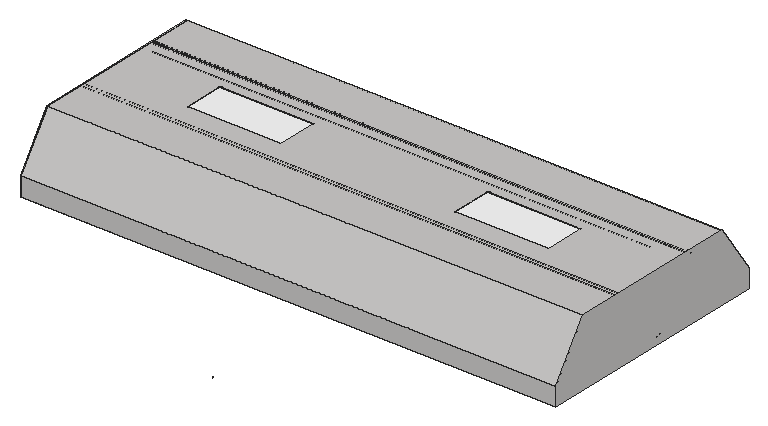
Revit family "QF_ELECTROLUXPROFESSIONAL_642363_BC1840DT", category Attrezzature speciali, Revit 2021
Family settings
  Quota connettore circolare = Usa diametro
  Tipo di parte = Normale
  Basato su piano di lavoro = No
  Sempre verticale = Sì
  Taglio con vuoti quando caricato = No
  Condiviso = No
  Punto di calcolo locali = No
Parameters (values of type "Standard")
  Weight = 115.00 kg
  Watts = 0 W
  Volts = 0 V
  URL Manufacturer = "https://www.electroluxprofessional.com/"
  URL = "https://www.electroluxprofessional.com/"
  Steam Supply Size = 0 mm
  Steam Supply Minimum Pressure = 0.0 Pa
  Steam Supply Maximum Pressure = 0.0 Pa
  Steam Consumption per Hour = 0
  Refrigeration Suction Line Size = 0 mm
  Refrigeration Liquid Line Size = 0 mm
  Refrigerant Compressor Remote = yes
  Prospetto di default = 0 mm
  Produttore = "Electrolux Professional"
  Phase = 0
  Modello = "BC1840DT"
  Length Actual = 4000 mm  # constant formula
  Item Number = "642363"
  Hot Water Size = 0 mm
  Height Actual = 500 mm  # constant formula
  HP = "0 HP"
  Gas Size = 0 mm
  Gas KW = 0
  Gas Input Pressure = 0 W
  Direct Waste Size = 0 mm
  Descrizione = "304 S/S ISLAND HOOD+FILTERS 4000X1800MM"
  Depth Actual = 1800 mm  # constant formula
  Cycle = 0 Hz
  Condensate Return Size = 0 mm
  Compressed Air Volume = 0.0 L/s
  Compressed Air Size = 0 mm
  Compressed Air Pressure = 0.0 Pa
  Cold Water Size = 0 mm
  Accessory = yes
Reference planes
  plane 1: z = 0
  plane 2 "Center (Left/Right)": x = 150
  plane 3 "LEFT": x = -1850
  plane 4 "RIGHT": x = 2150
  plane 5 "BACK": y = 550
  plane 6 "TOP": z = 2500
  plane 7 "Base": z = 2000
  plane 8: z = 1946
  plane 9: x = -1847
  plane 10 "DrainX": x = 1999
  plane 11 "AOLeft2": x = -500
  plane 12 "AORight1": x = 800
  plane 13: x = 2147
  plane 14: x = -1650
  plane 15: x = 1950
  plane 16: x = 50
  plane 17: x = 250
  plane 18 "AOLeft1": x = -1200
  plane 19 "AORight2": x = 1500
  plane 20: y = -200
  plane 21: y = -500
  plane 22 "Center (Front/Back)": y = -350
  plane 23: y = -1250
  plane 24: through (0, -401.379, 2046.209) normal (0, 0.8019, 0.5974)
  plane 25: through (0, -298.621, 2046.209) normal (0, 0.8019, -0.5974)
  plane 26: z = 2140
Forms (mm)
  Extrusion 1, solid, material "QF_Finishes_Stainless Steel"
    sketch origin (-1850, 0, 360) x (0, 1, 0) y (0, 0, 1)
      loop
        line (550, 1640) -> (550, 1780) -> (299.446, 2140) -> (-999.446, 2140) -> (-1250, 1780) -> (-1250, 1640) -> (550, 1640)
    from 0 to 3
  Extrusion 2, solid, material "QF_Finishes_Stainless Steel"
    sketch origin (2150, 0, 360) x (0, 1, 0) y (0, 0, 1)
      loop
        line (550, 1640) -> (550, 1780) -> (299.446, 2140) -> (-999.446, 2140) -> (-1250, 1780) -> (-1250, 1640) -> (550, 1640)
    from 0 to -3
  Extrusion 3, solid, material "QF_Finishes_Stainless Steel"
    sketch origin (150, 0, 360) x (0, 1, 0) y (0, 0, 1)
      loop
        line (-999.446, 2140) -> (-1250, 1780) -> (-1250, 1640) -> (-1240, 1640) -> (-1240, 1640.8) -> (-1249.2, 1640.8) -> (-1249.2, 1779.739) -> (-999.025, 2139.19) -> (299.025, 2139.19) -> (549.2, 1779.739) -> (549.2, 1640.8) -> (540, 1640.8) -> (540, 1640) -> (550, 1640) -> (550, 1780) -> (299.446, 2140) -> (-999.446, 2140)
    from -2000 to 2000
  Extrusion 4, void
    sketch origin (0, 0, 2500) x (0, 1, 0) y (-1, 0, 0)
      loop
        line (-200, 500) -> (-200, 1200) -> (-500, 1200) -> (-500, 500) -> (-200, 500)
    from 0 to -10
  Extrusion 5, solid, material "QF_Finishes_Stainless Steel"
    sketch origin (0, 0, 0) x (1, 0, 0) y (0, 1, 0)
      loop
        line (-1850, 550) -> (-1850, 549) -> (-1849, 549) -> (-1849, 550) -> (-1850, 550)
    from 0 to 1
  Extrusion 6, solid, material "QF_Finishes_Stainless Steel"
    sketch origin (150, -400, 360) x (0, 1, 0) y (0, 0, 1)
      loop
        line (-298.883, 2085.553) -> (-1.379, 1686.209) -> (14.66, 1698.157) -> (-282.844, 2097.501) -> (-298.883, 2085.553)
      loop
        line (398.883, 2085.553) -> (382.844, 2097.501) -> (85.34, 1698.157) -> (101.379, 1686.209) -> (398.883, 2085.553)
    from -1800 to -1997
  Extrusion 7, solid, material "QF_Finishes_Stainless Steel"
    sketch origin (150, -400, 360) x (0, 1, 0) y (0, 0, 1)
      loop
        arc (116.056, 1704.554) -> (115.455, 1704.706) -> (114.923, 1704.389) r 0.81
        line (114.923, 1704.389) -> (100.465, 1684.991) -> (83.389, 1687.002) -> (86.391, 1712.615) -> (85.593, 1712.708) -> (82.594, 1687.095)
        arc (82.594, 1687.095) -> (82.763, 1686.499) -> (83.305, 1686.197) r 0.81
        line (83.305, 1686.197) -> (100.372, 1684.196)
        arc (100.372, 1684.196) -> (100.787, 1684.257) -> (101.116, 1684.517) r 0.81
        line (101.116, 1684.517) -> (115.564, 1703.911) -> (126.308, 1695.919) -> (100.145, 1660.79) -> (-0.145, 1660.79) -> (-26.308, 1695.919) -> (-15.564, 1703.911) -> (-1.116, 1684.517)
        arc (-1.116, 1684.517) -> (-0.787, 1684.257) -> (-0.372, 1684.196) r 0.81
        line (-0.372, 1684.196) -> (16.695, 1686.197)
        arc (16.695, 1686.197) -> (17.237, 1686.499) -> (17.406, 1687.095) r 0.81
        line (17.406, 1687.095) -> (14.407, 1712.708) -> (13.609, 1712.615) -> (16.611, 1687.002) -> (-0.465, 1684.991) -> (-14.923, 1704.389)
        arc (-14.923, 1704.389) -> (-15.455, 1704.706) -> (-16.056, 1704.554) r 0.81
        line (-16.056, 1704.554) -> (-26.786, 1696.561)
        arc (-26.786, 1696.561) -> (-27.103, 1696.028) -> (-26.951, 1695.427) r 0.81
        line (-26.951, 1695.427) -> (-0.843, 1660.381)
        arc (-0.843, 1660.381) -> (-0.5, 1660.093) -> (-0.063, 1659.99) r 0.972
        line (-0.063, 1659.99) -> (100.049, 1659.99)
        arc (100.049, 1659.99) -> (100.498, 1660.096) -> (100.851, 1660.393) r 1
        line (100.851, 1660.393) -> (126.951, 1695.427)
        arc (126.951, 1695.427) -> (127.103, 1696.028) -> (126.786, 1696.561) r 0.81
        line (126.786, 1696.561) -> (116.056, 1704.554)
      loop
        line (-292.735, 2139.19) -> (-292.735, 2129.205) -> (-317.587, 2110.686)
        arc (-317.587, 2110.686) -> (-317.904, 2110.153) -> (-317.752, 2109.552) r 0.81
        line (-317.752, 2109.552) -> (-284.894, 2065.446) -> (-295.625, 2057.438) -> (-295.147, 2056.796) -> (-284.418, 2064.79)
        arc (-284.418, 2064.79) -> (-284.1, 2065.322) -> (-284.252, 2065.923) r 0.81
        line (-284.252, 2065.923) -> (-317.117, 2110.038) -> (-291.935, 2128.798) -> (-291.935, 2138.4) -> (-262.776, 2138.4) -> (-262.776, 2070.563) -> (-261.976, 2069.49) -> (-261.976, 2139.19) -> (-292.735, 2139.19)
      loop
        line (392.735, 2139.19) -> (361.976, 2139.19) -> (361.976, 2069.49) -> (362.776, 2070.563) -> (362.776, 2138.4) -> (391.935, 2138.4) -> (391.935, 2128.798) -> (417.117, 2110.038) -> (384.252, 2065.923)
        arc (384.252, 2065.923) -> (384.1, 2065.322) -> (384.418, 2064.79) r 0.81
        line (384.418, 2064.79) -> (395.147, 2056.796) -> (395.625, 2057.438) -> (384.894, 2065.446) -> (417.752, 2109.552)
        arc (417.752, 2109.552) -> (417.904, 2110.153) -> (417.587, 2110.686) r 0.81
        line (417.587, 2110.686) -> (392.735, 2129.205) -> (392.735, 2139.19)
    from -1997 to 1997
  Extrusion 8, solid, material "QF_Finishes_Stainless Steel"
    sketch origin (150, -400, 360) x (0, 1, 0) y (0, 0, 1)
      loop
        line (-298.883, 2085.553) -> (-1.379, 1686.209) -> (14.66, 1698.157) -> (-282.844, 2097.501) -> (-298.883, 2085.553)
      loop
        line (398.883, 2085.553) -> (382.844, 2097.501) -> (85.34, 1698.157) -> (101.379, 1686.209) -> (398.883, 2085.553)
    from 1997 to 1800
  Extrusion 9, solid, material "QF_Finishes_Stainless Steel"
    sketch origin (150, -400, 360) x (0, 1, 0) y (0, 0, 1)
      loop
        line (-298.883, 2085.553) -> (-1.379, 1686.209) -> (14.66, 1698.157) -> (-282.844, 2097.501) -> (-298.883, 2085.553)
      loop
        line (398.883, 2085.553) -> (382.844, 2097.501) -> (85.34, 1698.157) -> (101.379, 1686.209) -> (398.883, 2085.553)
    from -100 to 100
  Extrusion 10, solid, material "QF_Finished_Chrome"
    sketch origin (150, -400, 360) x (0, 1, 0) y (0, 0, 1)
      loop
        line (-298.883, 2085.553) -> (-1.379, 1686.209) -> (14.66, 1698.157) -> (-282.844, 2097.501) -> (-298.883, 2085.553)
      loop
        line (398.883, 2085.553) -> (382.844, 2097.501) -> (85.34, 1698.157) -> (101.379, 1686.209) -> (398.883, 2085.553)
    from -1800 to -100
  Extrusion 11, solid, material "QF_Finished_Chrome"
    sketch origin (150, -400, 360) x (0, 1, 0) y (0, 0, 1)
      loop
        line (-298.883, 2085.553) -> (-1.379, 1686.209) -> (14.66, 1698.157) -> (-282.844, 2097.501) -> (-298.883, 2085.553)
      loop
        line (398.883, 2085.553) -> (382.844, 2097.501) -> (85.34, 1698.157) -> (101.379, 1686.209) -> (398.883, 2085.553)
    from 100 to 1800
  Sweep 12, solid, material "QF_Finishes_Stainless Steel"
    path origin (0, 0, 0) x (1, 0, 0) y (0, 1, 0)
      loop
        line (2150, 550) -> (-1850, 550) -> (-1850, -1250) -> (2150, -1250) -> (2150, 550)
    profile origin (2150, -350, 0) x (1, 0, 0) y (0, 0, 1)
      loop
        line (-3, 2000) -> (-3, 2000.8) -> (-19, 2000.8) -> (-19, 2010) -> (-20, 2010) -> (-20, 2000) -> (-3, 2000)
  Extrusion 13, void
    sketch origin (0, 0, 2500) x (0, 1, 0) y (-1, 0, 0)
      loop
        line (-200, -1500) -> (-200, -800) -> (-500, -800) -> (-500, -1500) -> (-200, -1500)
    from 0 to -10
  Extrusion 14, solid, material "QF_Finishes_Stainless Steel"
    sketch origin (1999, 0, 0) x (0, 1, 0) y (0, 0, 1)
      loop
        arc (-318.5, 1946) -> (-311.429, 1948.929) -> (-308.5, 1956) r 10
        line (-308.5, 1956) -> (-308.5, 2000.8) -> (-391.5, 2000.8) -> (-391.5, 1956)
        arc (-391.5, 1956) -> (-388.571, 1948.929) -> (-381.5, 1946) r 10
        line (-381.5, 1946) -> (-318.5, 1946)
    from -90 to 90
  Extrusion 15, solid, material "QF_Finishes_Stainless Steel"
    sketch origin (0, -1100, 2000) x (0, 1, 0) y (-1, 0, 0)
      loop
        circle (750, -1999) r 6.35
    from -3.799 to 0
Cuts and joins
  Extrusion 4, Extrusion 13 cuts Extrusion 3
  joined: Extrusion 2, Extrusion 3, Sweep 12
Lines and regions (mm)
  symbolic lines, style "SpecialityEquipment", detail levels coarse
    curve 1: line (2150, 550, 2500) -> (-1850, 550, 2500)
    curve 2: line (-1850, 550, 2500) -> (-1850, -1250.8, 2500)
    curve 3: line (2150, -1250.8, 2500) -> (2150, 550, 2500)
    curve 4: line (-1850, 299.446, 0) -> (2150, -999.446, 0)
    curve 5: line (2150, 299.446, 0) -> (-1850.605, -999.446, 0)
  symbolic lines, detail levels coarse
    curve 6: line (-1200, -500, 0) -> (-500, -500, 0)
    curve 7: line (-1200, -200, 0) -> (-1200, -500, 0)
    curve 8: line (-500, -200, 0) -> (-1200, -200, 0)
    curve 9: line (-500, -500, 0) -> (-500, -200, 0)
    curve 10: line (800, -200, 0) -> (800, -500, 0)
    curve 11: line (1500, -200, 0) -> (800, -200, 0)
    curve 12: line (1500, -500, 0) -> (1500, -200, 0)
    curve 13: line (800, -500, 0) -> (1500, -500, 0)
    curve 14: line (-1850.605, -999.446, 0) -> (2150, -999.446, 0)
    curve 15: line (2150, 299.446, 0) -> (-1850, 299.446, 0)
    curve 16: line (-1850, -1250.8, 0) -> (2150, -1250.8, 0)
Dimensions and locks
  plane 3 "LEFT" to plane 4 "RIGHT" = 4000 mm
  equal spacing: plane 3 "LEFT", plane 2 "Center (Left/Right)", plane 4 "RIGHT"
  plane 3 "LEFT" to plane 9 = 3 mm
  plane 10 "DrainX" to plane 4 "RIGHT" = 151 mm
  plane 13 to plane 4 "RIGHT" = 3 mm
  plane 3 "LEFT" to plane 14 = 200 mm
  plane 15 to plane 4 "RIGHT" = 200 mm
  locked: plane 11 "AOLeft2" to plane 12 "AORight1" at 1300
  equal spacing: plane 11 "AOLeft2", plane 2 "Center (Left/Right)", plane 12 "AORight1"
  locked: plane 7 "Base" to level at 2000
  locked: plane 16 to plane 17 at 200
  equal spacing: plane 16, plane 2 "Center (Left/Right)", plane 17
  plane 18 "AOLeft1" to plane 11 "AOLeft2" = 700 mm
  plane 12 "AORight1" to plane 19 "AORight2" = 700 mm
  plane 7 "Base" to plane 8 = 54 mm
  locked: plane 6 "TOP" to plane 7 "Base" at 500
  plane 5 "BACK" to plane 23 = 1800 mm  (x2)
  equal spacing: plane 5 "BACK", plane 22 "Center (Front/Back)", plane 23
  plane 21 to plane 20 = 300 mm
  equal spacing: plane 21, plane 22 "Center (Front/Back)", plane 20
  plane 26 to plane 7 "Base" = 140 mm
  aligned and locked: level to plane 1
  aligned and locked: plane 4 "RIGHT" to Extrusion 3
  aligned and locked: Extrusion 3 to plane 3 "LEFT"
  aligned and locked: Extrusion 6 to plane 9
  aligned and locked: plane 14 to Extrusion 6
  aligned and locked: Extrusion 2 to plane 13
  aligned and locked: plane 13 to Extrusion 8
  aligned and locked: Extrusion 8 to plane 15
  aligned and locked: plane 17 to Extrusion 9
  aligned and locked: Extrusion 9 to plane 16
  aligned and locked: plane 16 to Extrusion 10
  aligned and locked: Extrusion 10 to plane 14
  aligned and locked: Extrusion 11 to plane 17
  aligned and locked: Extrusion 11 to plane 15
  aligned and locked: Extrusion 7 to plane 9
  aligned and locked: plane 13 to Extrusion 7
  aligned and locked: Extrusion 4 to plane 18 "AOLeft1"
  aligned and locked: Extrusion 4 to plane 11 "AOLeft2"
  aligned and locked: plane 12 "AORight1" to Extrusion 13
  aligned and locked: plane 19 "AORight2" to Extrusion 13
  aligned and locked: plane 21 to Extrusion 13
  aligned and locked: plane 21 to Extrusion 4
  aligned and locked: plane 20 to Extrusion 13
  aligned and locked: plane 20 to Extrusion 4
  aligned and locked: curve 6 to Extrusion 4
  aligned and locked: curve 7 to Extrusion 4
  aligned and locked: curve 8 to Extrusion 4
  aligned and locked: curve 9 to Extrusion 4
  aligned and locked: curve 10 to Extrusion 13
  aligned and locked: curve 11 to Extrusion 13
  aligned and locked: curve 12 to Extrusion 13
  aligned and locked: curve 13 to Extrusion 13
Automatic sketch dimensions
  curve 2 to plane 3 "LEFT" = 0 mm
  curve 3 to plane 4 "RIGHT" = 0 mm
  curve 2 to plane 5 "BACK" = 0 mm
  Extrusion 4 sketch curve to plane 11 "AOLeft2" = 0 mm
  Extrusion 4 sketch curve to plane 18 "AOLeft1" = 0 mm
  Extrusion 5 sketch curve to plane 3 "LEFT" = 0 mm
  Extrusion 5 sketch curve to plane 5 "BACK" = 0 mm
  plane 3 "LEFT" to Extrusion 5 sketch curve = 1 mm
  Extrusion 5 sketch curve to Extrusion 5 sketch curve = 1 mm
  Sweep 12 sketch curve to plane 3 "LEFT" = 0 mm
  Sweep 12 sketch curve to plane 4 "RIGHT" = 0 mm
  Sweep 12 sketch curve to plane 5 "BACK" = 0 mm
  profile plane to Sweep 12 sketch curve = 20 mm
  Sweep 12 sketch curve to Sweep 12 sketch curve = 1 mm
  profile plane to Sweep 12 sketch curve = 3 mm
  level to Sweep 12 sketch curve = 2000 mm
  Sweep 12 sketch curve to Sweep 12 sketch curve = 0.8 mm
  Sweep 12 sketch curve to Sweep 12 sketch curve = 9.2 mm
  Extrusion 13 sketch curve to plane 11 "AOLeft2" = 2000 mm
  plane 18 "AOLeft1" to Extrusion 13 sketch curve = 2000 mm
  Extrusion 13 sketch curve to Extrusion 13 sketch curve = 300 mm
  Extrusion 13 sketch curve to plane 20 = 0 mm
  plane 21 to curve 3 = 750.8 mm
  plane 21 to curve 2 = 750.8 mm
  plane 21 to Sweep 12 sketch curve = 750 mm
  plane 21 to Extrusion 4 sketch curve = 0 mm
  Extrusion 4 sketch curve to plane 20 = 0 mm
  Extrusion 15 sketch curve to plane 10 "DrainX" = 0 mm
  Extrusion 15 sketch curve to plane 22 "Center (Front/Back)" = 0 mm
  Extrusion 14 sketch curve to plane 8 = 0 mm
  plane 8 to Extrusion 14 sketch curve = 10 mm
  Extrusion 14 sketch curve to plane 22 "Center (Front/Back)" = 41.5 mm
  plane 22 "Center (Front/Back)" to Extrusion 14 sketch curve = 31.5 mm
  plane 7 "Base" to Extrusion 14 sketch curve = 0.8 mm
  plane 22 "Center (Front/Back)" to Extrusion 14 sketch curve = 41.5 mm
  plane 21 to Extrusion 6 sketch curve = 198.883 mm
  Extrusion 6 sketch curve to plane 6 "TOP" = 42.499 mm  (x2)
  Extrusion 6 sketch curve to Extrusion 6 sketch curve = 16.039 mm  (x2)
  Extrusion 6 sketch curve to plane 22 "Center (Front/Back)" = 51.379 mm
  plane 22 "Center (Front/Back)" to Extrusion 6 sketch curve = 35.34 mm
  plane 20 to Extrusion 6 sketch curve = 182.844 mm
  Extrusion 6 sketch curve to Extrusion 6 sketch curve = 11.948 mm  (x2)
  Extrusion 7 sketch curve to plane 6 "TOP" = 30.448 mm  (x2)
  plane 21 to Extrusion 7 sketch curve = 217.752 mm
  Extrusion 7 sketch curve to plane 6 "TOP" = 29.314 mm  (x2)
  Extrusion 7 sketch curve to Extrusion 7 sketch curve = 0.166 mm  (x3)
  Extrusion 7 sketch curve to plane 6 "TOP" = 29.962 mm  (x2)
  Extrusion 7 sketch curve to Extrusion 7 sketch curve = 0.47 mm  (x2)
  Extrusion 7 sketch curve to Extrusion 7 sketch curve = 0.014 mm  (x2)
  Extrusion 7 sketch curve to plane 6 "TOP" = 82.562 mm  (x2)
  Extrusion 7 sketch curve to Extrusion 7 sketch curve = 22.127 mm
  Extrusion 7 sketch curve to plane 6 "TOP" = 83.204 mm  (x2)
  Extrusion 7 sketch curve to Extrusion 7 sketch curve = 0.478 mm  (x5)
  Extrusion 7 sketch curve to plane 6 "TOP" = 0.81 mm  (x2)
  Extrusion 7 sketch curve to Extrusion 7 sketch curve = 24.852 mm
  Extrusion 7 sketch curve to Extrusion 7 sketch curve = 0.8 mm  (x5)
  Extrusion 7 sketch curve to Extrusion 7 sketch curve = 10.724 mm
  Extrusion 7 sketch curve to plane 6 "TOP" = 74.554 mm  (x2)
  Extrusion 7 sketch curve to Extrusion 7 sketch curve = 0.008 mm  (x6)
  Extrusion 7 sketch curve to plane 6 "TOP" = 75.21 mm  (x2)
  Extrusion 7 sketch curve to plane 6 "TOP" = 74.077 mm  (x2)
  Extrusion 7 sketch curve to Extrusion 7 sketch curve = 0.642 mm  (x2)
  Extrusion 7 sketch curve to plane 6 "TOP" = 69.437 mm  (x2)
  Extrusion 7 sketch curve to Extrusion 7 sketch curve = 21.476 mm  (x2)
  Extrusion 7 sketch curve to plane 21 = 73.049 mm
  Extrusion 7 sketch curve to Extrusion 7 sketch curve = 0.006 mm  (x4)
  Extrusion 7 sketch curve to Extrusion 7 sketch curve = 10.73 mm  (x3)
  Extrusion 7 sketch curve to Extrusion 7 sketch curve = 0.484 mm  (x4)
  Extrusion 7 sketch curve to Extrusion 7 sketch curve = 0.641 mm  (x2)
  Extrusion 7 sketch curve to Extrusion 7 sketch curve = 14.448 mm
  plane 7 "Base" to Extrusion 7 sketch curve = 20.381 mm
  Extrusion 7 sketch curve to Extrusion 7 sketch curve = 0.273 mm
  Extrusion 7 sketch curve to Extrusion 7 sketch curve = 0.65 mm  (x2)
  Extrusion 7 sketch curve to Extrusion 7 sketch curve = 0.001 mm  (x4)
  Extrusion 7 sketch curve to Extrusion 7 sketch curve = 0.093 mm  (x2)
  plane 7 "Base" to Extrusion 7 sketch curve = 20.79 mm
  Extrusion 7 sketch curve to Extrusion 7 sketch curve = 0.698 mm
  Extrusion 7 sketch curve to Extrusion 7 sketch curve = 0.081 mm
  Extrusion 7 sketch curve to Extrusion 7 sketch curve = 28.531 mm
  Extrusion 7 sketch curve to Extrusion 7 sketch curve = 0.799 mm  (x2)
  Extrusion 7 sketch curve to Extrusion 7 sketch curve = 17.067 mm  (x2)
  Extrusion 7 sketch curve to Extrusion 7 sketch curve = 0.01 mm  (x4)
  Extrusion 7 sketch curve to Extrusion 7 sketch curve = 0.094 mm
  Extrusion 7 sketch curve to Extrusion 7 sketch curve = 0.795 mm  (x2)
  plane 22 "Center (Front/Back)" to Extrusion 7 sketch curve = 32.594 mm
  Extrusion 7 sketch curve to Extrusion 7 sketch curve = 0.71 mm
  Extrusion 7 sketch curve to Extrusion 7 sketch curve = 2.998 mm
  Extrusion 7 sketch curve to Extrusion 7 sketch curve = 16.745 mm
  Extrusion 7 sketch curve to Extrusion 7 sketch curve = 0.095 mm
  plane 7 "Base" to Extrusion 7 sketch curve = 20.393 mm
  Extrusion 7 sketch curve to Extrusion 7 sketch curve = 0.707 mm
  Extrusion 7 sketch curve to Extrusion 7 sketch curve = 0.651 mm
  Extrusion 7 sketch curve to Extrusion 7 sketch curve = 14.456 mm
  Extrusion 7 sketch curve to plane 6 "TOP" = 70.51 mm  (x2)
  plane 20 to Extrusion 7 sketch curve = 161.976 mm
  Extrusion 7 sketch curve to plane 6 "TOP" = 1.6 mm
  Extrusion 7 sketch curve to Extrusion 7 sketch curve = 29.159 mm
  Extrusion 7 sketch curve to Extrusion 7 sketch curve = 24.368 mm
  Extrusion 7 sketch curve to Extrusion 7 sketch curve = 0.636 mm
  Extrusion 7 sketch curve to Extrusion 7 sketch curve = 23.206 mm
  Extrusion 7 sketch curve to Extrusion 7 sketch curve = 23.234 mm
  Extrusion 7 sketch curve to Extrusion 7 sketch curve = 0.321 mm  (x2)
  Extrusion 7 sketch curve to Extrusion 7 sketch curve = 2.001 mm  (x2)
  Extrusion 7 sketch curve to Extrusion 7 sketch curve = 0.804 mm  (x2)
  Extrusion 7 sketch curve to Extrusion 7 sketch curve = 10.911 mm  (x2)
  Extrusion 7 sketch curve to Extrusion 7 sketch curve = 7.993 mm  (x2)
  Extrusion 7 sketch curve to Extrusion 7 sketch curve = 25.613 mm  (x2)
  Extrusion 7 sketch curve to Extrusion 7 sketch curve = 0.407 mm  (x2)
  Extrusion 7 sketch curve to Extrusion 7 sketch curve = 0.79 mm
  Extrusion 3 sketch curve to plane 7 "Base" = 0 mm  (x2)
  Extrusion 3 sketch curve to plane 23 = 0 mm
  Extrusion 3 sketch curve to plane 5 "BACK" = 0 mm
  plane 23 to Extrusion 3 sketch curve = 0.8 mm
  plane 7 "Base" to Extrusion 3 sketch curve = 0.8 mm  (x2)
  Extrusion 3 sketch curve to Extrusion 3 sketch curve = 9.2 mm
  plane 23 to Extrusion 3 sketch curve = 250.554 mm
  Extrusion 3 sketch curve to Extrusion 3 sketch curve = 0.421 mm  (x2)
  Extrusion 3 sketch curve to plane 6 "TOP" = 0.81 mm
  Extrusion 3 sketch curve to plane 5 "BACK" = 250.975 mm
  Extrusion 3 sketch curve to plane 5 "BACK" = 10 mm
  Extrusion 3 sketch curve to plane 5 "BACK" = 0.8 mm
  Extrusion 3 sketch curve to Extrusion 3 sketch curve = 138.939 mm  (x2)
  Extrusion 3 sketch curve to Extrusion 3 sketch curve = 0.261 mm  (x2)
  Extrusion 3 sketch curve to plane 6 "TOP" = 0 mm
  Extrusion 1 sketch curve to plane 7 "Base" = 0 mm
  Extrusion 1 sketch curve to plane 23 = 0 mm
  Extrusion 1 sketch curve to plane 6 "TOP" = 0 mm
  Extrusion 1 sketch curve to plane 5 "BACK" = 0 mm
  Extrusion 1 sketch curve to plane 5 "BACK" = 250.554 mm
  plane 7 "Base" to Extrusion 1 sketch curve = 140 mm
  Extrusion 1 sketch curve to Extrusion 1 sketch curve = 140 mm
  plane 23 to Extrusion 1 sketch curve = 250.554 mm
  plane 21 to Extrusion 10 sketch curve = 198.883 mm
  Extrusion 10 sketch curve to plane 6 "TOP" = 42.499 mm  (x2)
  Extrusion 10 sketch curve to Extrusion 10 sketch curve = 16.039 mm  (x2)
  Extrusion 10 sketch curve to plane 22 "Center (Front/Back)" = 51.379 mm
  plane 22 "Center (Front/Back)" to Extrusion 10 sketch curve = 35.34 mm
  plane 20 to Extrusion 10 sketch curve = 182.844 mm
  Extrusion 10 sketch curve to Extrusion 10 sketch curve = 11.948 mm  (x2)
  plane 21 to Extrusion 9 sketch curve = 198.883 mm
  Extrusion 9 sketch curve to plane 6 "TOP" = 42.499 mm  (x2)
  Extrusion 9 sketch curve to Extrusion 9 sketch curve = 16.039 mm  (x2)
  Extrusion 9 sketch curve to plane 22 "Center (Front/Back)" = 51.379 mm
  plane 22 "Center (Front/Back)" to Extrusion 9 sketch curve = 35.34 mm
  plane 20 to Extrusion 9 sketch curve = 182.844 mm
  Extrusion 9 sketch curve to Extrusion 9 sketch curve = 11.948 mm  (x2)
  plane 21 to Extrusion 11 sketch curve = 198.883 mm
  Extrusion 11 sketch curve to plane 6 "TOP" = 42.499 mm  (x2)
  Extrusion 11 sketch curve to Extrusion 11 sketch curve = 16.039 mm  (x2)
  Extrusion 11 sketch curve to plane 22 "Center (Front/Back)" = 51.379 mm
  plane 22 "Center (Front/Back)" to Extrusion 11 sketch curve = 35.34 mm
  plane 20 to Extrusion 11 sketch curve = 182.844 mm
  Extrusion 11 sketch curve to Extrusion 11 sketch curve = 11.948 mm  (x2)
  plane 21 to Extrusion 8 sketch curve = 198.883 mm
  Extrusion 8 sketch curve to plane 6 "TOP" = 42.499 mm  (x2)
  Extrusion 8 sketch curve to Extrusion 8 sketch curve = 16.039 mm  (x2)
  Extrusion 8 sketch curve to plane 22 "Center (Front/Back)" = 51.379 mm
  plane 22 "Center (Front/Back)" to Extrusion 8 sketch curve = 35.34 mm
  plane 20 to Extrusion 8 sketch curve = 182.844 mm
  Extrusion 8 sketch curve to Extrusion 8 sketch curve = 11.948 mm  (x2)
  Extrusion 2 sketch curve to plane 7 "Base" = 0 mm
  Extrusion 2 sketch curve to plane 23 = 0 mm
  Extrusion 2 sketch curve to plane 6 "TOP" = 0 mm
  Extrusion 2 sketch curve to plane 5 "BACK" = 0 mm
  Extrusion 2 sketch curve to plane 26 = 0 mm  (x2)
  Extrusion 2 sketch curve to plane 5 "BACK" = 250.554 mm
  plane 23 to Extrusion 2 sketch curve = 250.554 mm
  curve 15 to plane 3 "LEFT" = 0 mm
  curve 16 to plane 3 "LEFT" = 0 mm
  curve 14 to plane 4 "RIGHT" = 0 mm
  curve 15 to plane 4 "RIGHT" = 0 mm
  curve 16 to plane 4 "RIGHT" = 0 mm
  curve 14 to plane 3 "LEFT" = 0.605 mm
  plane 23 to curve 14 = 250.554 mm
  curve 15 to plane 5 "BACK" = 250.554 mm
  curve 16 to plane 23 = 0.8 mm
  radius of Extrusion 15 sketch curve = 6.35 mm
Connectors
  hvac at (-850, -350, 2500)
    settings: on Extrusion 4, index 2, duct flow 0.0 L/s, flow factor 0, pres drop 0.0 Pa, loss coef 0, conn angle 0.00°, conn width 300 mm, conn height 700 mm, conn diameter 609.6 mm, duct sys type 3, conn prof type 1, flow config 1, flow direction 2, loss method 0, conn ref index -1, conn util no, is conn primary yes, conn desc "EXHAUST OUTLET"
  hvac at (1150, -350, 2500)
    settings: on Extrusion 13, index 3, duct flow 0.0 L/s, flow factor 0, pres drop 0.0 Pa, loss coef 0, conn angle 0.00°, conn width 300 mm, conn height 700 mm, conn diameter 609.6 mm, duct sys type 3, conn prof type 1, flow config 1, flow direction 2, loss method 0, conn ref index -1, conn util no, is conn primary no, conn desc "EXHAUST OUTLET"
  piping at (1999, -350, 1996.201), diameter 12.7
    settings: on Extrusion 15, index 4, connector inside diameter 609.6 mm, connector length 0 mm, flow factor 0, pipe flow 0.0 L/s, pressure drop 0.0 Pa, fitting loss kfactor 0, connector angle 0.00°, fixture units 0, engagement length 0 mm, angle of deflection 0.00°, flow configuration 1, flow direction 2, fitting loss method 0, system type 16, joint type 0, gender type 0, connector reference index -1, connector utility 0, adjustable connector no, is connector primary yes, connector description "Drain"
